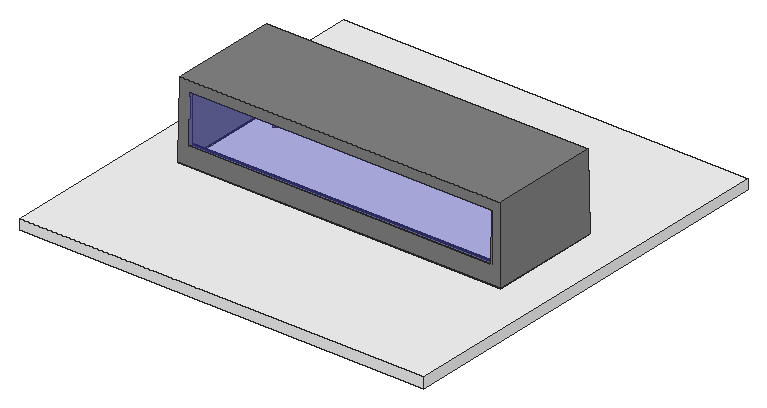
Revit family "BE_50147.5_de_DE", category Leuchten, Revit 2020
Family settings
  Basisbauteil = Fläche
  Bemaßung runder Anschluss = Durchmesser verwenden
  Teiletyp = Normal
  Beim Laden mit Abzugskörper schneiden = Ja
  Lichtquelle = Ja
  Gemeinsam genutzt = Nein
  Raumberechnungspunkt = Ja
Parameters (values of type "BEGA_50147.5_K4")
  built-in parameter 1150104 = 12.087 (stored number, unit not read)
  Wattage = 33.6 W
  Default Elevation = 0 mm
  built-in parameter 1150113 = 1 (stored number, unit not read)
  built-in parameter 1114218 = 1 (stored number, unit not read)
  Umgebungstemperatur = "25 °C"
  URL = "https://www.bega.com/de/produkt/50147.5"
  Typenkommentare = "© 2022 BEGA. Wir behalten uns das Recht vor, technische Änderungen ohne vorherige Ankündigung vorzunehmen."  # constant formula
  built-in parameter 1150134 = 12
  built-in parameter 1150109 = 1 (stored number, unit not read)
  Strom = ""
  built-in parameter 1150110 = 1 (stored number, unit not read)
  Spannung = 239.996 V
  Sonderanfertigung = no
  Seriennummer [instance] = "Hier können Sie die eindeutige Seriennummer für das Facility Management eintragen."
  Schutzklasse = "I"
  Schutzart = "IP 20"
  Scheinlast = 0 VA
  Produktdatenblatt = "https://cdn.bega.com/bega/products/50147.5K4/current/documents/data-sheets/de"
  Oberflächentemperatur = ""
  Neigungswinkel = 0.00°
  Modell = "50147.5K4"
  Material_17 = BEGA_Reflektor
  Material_15 = BEGA_Leuchtmedium_matt
  Material_11 = BEGA_Glas_opal
  Material_09 = BEGA_Glas_klar
  Material_08 = BEGA_Oberfläche_Stahl_verzinkt
  Material_06 = BEGA_Oberfläche_Edelstahl_gebürstet
  Material_05 = BEGA_Oberfläche_Aluminium Guss
  Material_03 = BEGA_Oberfläche_Weiss_matt
  Material_02 = BEGA_Oberfläche_Silber_matt
  Material_01 [instance] = BEGA_Oberfläche_Grafit_matt
  M_W = no
  M_G = no
  M_A = no
  Logo = 0
  built-in parameter 1114217 = 1 (stored number, unit not read)
  built-in parameter 1150139 = (empty or 0)
  built-in parameter 1150105 = 347.86 (stored number, unit not read)
  built-in parameter 1150114 = 1 (stored number, unit not read)
  Lumens = 4371.36 lm
  built-in parameter 1150115 = 1 (stored number, unit not read)
  Leuchtenlichtstrom = "3990 lm"
  Leuchtenanzahl = ""
  Lebensdauerkriterien = "L70B50 @ 25 °C = 200000 h"
  Lastklassifizierung = Beleuchtung
  built-in parameter 1150112 = 1 (stored number, unit not read)
  Lampenlichtstrom = "5020 lm"
  Lampe = "LED 32.8 W"
  LED_Modulbezeichnung = "2x LED-0695/940"
  Hersteller = "BEGA"  # constant formula
  Halbstreuwinkel = ""
  Gewicht = "2.5 kg"
  Gebrauchslageneinschränkung [instance] = ""
  Frequenz = "0/50-60 Hz"
  Farbwiedergabeindex = "CRI > 90"
  Farbtemperaturverschiebung bei Dämpfen der Lampe = <Keine Auswahl>
  Farbtemperatur = "4000 K"
  Color Filter = 16777215
  built-in parameter 1150133 = 10 (stored number, unit not read)
  Energieeffizienzklasse = "LED A++ - A"
  built-in parameter 1150137 = (empty or 0)
  built-in parameter 1150132 = (empty or 0)
  ENEC = "ja"
  Dimmbar [instance] = "DALI"
  Datei für fotometrisches Netz = "BE_50147.5K4.IES"
  CE_Konformität = "ja"
  Bestellnummer = "50147.5K4"
  Beschreibung_Sonderanfertigung = "Hier können Sie Informationen zur Sonderanfertigung eintragen."
  Beschreibung = "Wandfluter"
  built-in parameter 1150106 = 3.4786 (stored number, unit not read)
  Befestigungsbohrung = "Ø 4,8 mm"
  Befestigungsabstand = "265 x 65 mm"
  Ballwurfsicher = ""
  BEGA_Intern_aus = yes
  BEGA_Intern_an = yes
  BEGA_Intern_Konstruktion = yes
  BEGA_Intern = yes
  BEGA_IES = yes
  BEGA_Dummy = no
  Anschlussleitung = ""
  Anschlussleistung [instance] = "37 W"
  Anschlusskasten = ""
  built-in parameter 1150107 = 4000 (stored number, unit not read)
  built-in parameter 1150102 = (empty or 0)
  built-in parameter 1150138 = (empty or 0)
  Aktualisierung = "2022-05-18T04:00:07"
  Abstand_zur_angestrahlten_Fläche [instance] = ""
  AC/DC = "AC/DC"
Types (2, lengths in mm): name | built-in parameter 1150104 | built-in parameter 1150134 | Modell | built-in parameter 1150105 | Lumens | Leuchtenlichtstrom | Lampenlichtstrom | LED_Modulbezeichnung | Farbtemperatur | Datei für fotometrisches Netz | Bestellnummer | built-in parameter 1150106 | built-in parameter 1150107
  BEGA_50147.5_K4 | 12.087 (stored number, unit not read) | 12 | "50147.5K4" | 347.86 (stored number, unit not read) | 4371.36 lm | "3990 lm" | "5020 lm" | "2x LED-0695/940" | "4000 K" | "BE_50147.5K4.IES" | "50147.5K4" | 3.4786 (stored number, unit not read) | 4000 (stored number, unit not read)
  BEGA_50147.5_K3 | 11.669 (stored number, unit not read) | (empty or 0) | "50147.5K3" | 335.83 (stored number, unit not read) | 4220.16 lm | "3845 lm" | "4830 lm" | "2x LED-0695/930" | "3000 K" | "BE_50147.5K3.IES" | "50147.5K3" | 3.3583 (stored number, unit not read) | 3000 (stored number, unit not read)
Reference planes
  plane 1 "Mitte (Vorne/Hinten)": y = 0
  plane 2: z = 0
  plane 3 "Mitte (Links/Rechts)": x = 0
  plane 4 "Links": x = -160
  plane 5 "Rechts": x = 160
  plane 6 "Unten": y = -55
  plane 7 "Oben": y = 55
  plane 8 "Vorne": z = 76
  plane 9 "Hinten": z = 0
Forms (mm)
  Extrusion 1, solid, material "BEGA_Platte_Weiss"
    sketch origin (0, -1119.2, 0) x (1, 0, 0) y (0, 1, 0)
      loop
        line (-200, 1319.2) -> (-200, 919.2) -> (200, 919.2) -> (200, 1319.2) -> (-200, 1319.2)
    from 0 to -10
  Extrusion 2, solid, material "BEGA_Dummy_matt", visible <- "BEGA_Dummy"
    sketch origin (80.095, -76.023, 0) x (1, 0, 0) y (0, 1, 0)
      loop
        line (-240.095, 131.023) -> (-240.095, 21.023) -> (79.905, 21.023) -> (79.905, 131.023) -> (-240.095, 131.023)
    from 0 to 76
Dimensions and locks
  plane 1 "Mitte (Vorne/Hinten)" to Extrusion 1 = 200 mm
  aligned and locked: plane 2 to Extrusion 1
  aligned and locked: level to Extrusion 1
Nested families
  nested 1: "BE_50147.5" at (0, 0, 0), type "BE_50147.5"
Connectors
  electrical at (0, 0, 0), driven by "Lastklassifizierung", driven by "Spannung", driven by "Scheinlast"
    settings: index 1, voltage 239.996 V, apparent load 0 VA, apparent load phase1 0 VA, apparent load phase2 0 VA, apparent load phase3 0 VA, power factor 1, load classification "Beleuchtung", number of poles 1, system type 31, power factor state 1, is connector primary yes, connector utility no, sub classification motor no, connector description ""
Definition of nested family "BE_50147.5"
  Parameters (values of type "BE_50147.5")
    Default Elevation = 1 mm
    URL = "http://www.bega.de/de/produkt"
    Type Comments = "© 2015 BEGA. Wir behalten uns das Recht vor, technische Änderungen ohne vorherige Ankündigung vorzunehmen. "  # constant formula
    Type Image = (empty or 0)
    Neigungswinkel_um_Z2 = 0.00°
    Neigungswinkel_um_Z1 = 0.00°
    Neigungswinkel_um_Y2 = 0.00°
    Neigungswinkel_um_Y1 = 0.00°
    Neigungswinkel_um_X2 = 0.00°
    Neigungswinkel_um_X1 = 0.00°
    Material_17 = none
    Material_15 = none
    Material_11 = none
    Material_09 = none
    Material_08 = none
    Material_06 = none
    Material_05 = none
    Material_03 = none
    Material_02 = none
    Material_01 = none
    M_W = yes
    M_G = yes
    M_A = yes
    Länge_Platte = 400 mm  # constant formula
    Höhe_Platte = -10 mm  # constant formula
    Manufacturer = "BEGA"  # constant formula
    Drehwinkel_um_Z2 = 0.00°
    Drehwinkel_um_Z1 = 0.00°
    Breite_Platte = 200 mm  # constant formula
  Reference planes
    plane 1 "Mitte (Oben/Unten)": y = 0
    plane 2: z = 0
    plane 3 "Mitte (Links/Rechts)": x = 0
    plane 4: z = 76
    plane 5: y = 55
    plane 6: y = -55
    plane 7: x = -160
    plane 8: z = 76
    plane 9: x = 160
  Forms (mm)
    Extrusion 1, solid, detail levels medium
      sketch origin (0, 0, 0) x (1, 0, 0) y (0, 1, 0)
        loop
          line (-200, 100) -> (-200, -100) -> (200, -100) -> (200, 100) -> (-200, 100)
      from 0 to -10 <- "Höhe_Platte"
    Extrusion 2, solid, material <- "Material_01", detail levels medium+fine
      sketch origin (0, 0, 0) x (1, 0, 0) y (0, 0, 1)
        loop
          line (-160, 1) -> (-156, 1) -> (-153.661, 68) -> (153.661, 68) -> (156, 1) -> (160, 1) -> (158.691, 76) -> (-158.691, 76) -> (-160, 1)
      from -55 to 55
    Extrusion 3, solid, material <- "Material_01", detail levels medium+fine
      sketch origin (0, 0, 0) x (1, 0, 0) y (0, 0, 1)
        loop
          line (158.691, 76) -> (-158.691, 76) -> (-160, 1) -> (160, 1) -> (158.691, 76)
      from -55 to -50.695
    Extrusion 4, solid, material <- "Material_01", detail levels medium+fine
      sketch origin (0, 0, 0) x (1, 0, 0) y (0, 0, -1)
        loop
          line (158.691, -76) -> (160, -1) -> (-160, -1) -> (-158.691, -76) -> (158.691, -76)
      from -55 to -50.695
    Extrusion 5, void
      sketch origin (0, 0, 0) x (0, 1, 0) y (0, 0, 1)
        loop
          line (55, 1) -> (55.86, 1.015) -> (55.86, 78.41) -> (53.649, 78.41) -> (55, 1)
        loop
          line (-55, 1) -> (-53.649, 78.41) -> (-55.86, 78.41) -> (-55.86, 1.015) -> (-55, 1)
      from -163.845 to 169.172
    Sweep 6, solid, material <- "Material_03", detail levels medium+fine
      path origin (0, 0, 0) x (1, 0, 0) y (0, 1, 0)
        loop
          line (-160, 55) -> (-160, -55) -> (160, -55) -> (160, 55) -> (-160, 55)
      profile origin (-160, 0, 0) x (1, 0, 0) y (0, 0, 1)
        loop
          line (0.5, 1) -> (0.5, 0) -> (2.572, 0)
          arc (2.572, 0) -> (3.337, 0.152) -> (3.986, 0.586) r 2
          line (3.986, 0.586) -> (5.107, 1.707)
          arc (5.107, 1.707) -> (5.432, 1.924) -> (5.814, 2) r 1
          line (5.814, 2) -> (11.938, 2) -> (11.938, 3) -> (5.814, 3)
          arc (5.814, 3) -> (5.049, 2.848) -> (4.4, 2.414) r 2
          line (4.4, 2.414) -> (3.279, 1.293)
          arc (3.279, 1.293) -> (2.954, 1.076) -> (2.572, 1) r 1
          line (2.572, 1) -> (0.5, 1)
    Extrusion 7, solid, material <- "Material_03", detail levels medium+fine
      sketch origin (0, 0, 0) x (1, 0, 0) y (0, 1, 0)
        loop
          line (-149.215, 43.062) -> (-149.215, -43.062) -> (149.632, -43.062) -> (149.632, 43.062) -> (-149.215, 43.062)
      from 2 to 3
    Extrusion 8, void
      sketch origin (0, 0, 0) x (0, 1, 0) y (0, 0, 1)
        loop
          line (47.599, 66.082) -> (47.599, 18) -> (55.612, 18) -> (55.612, 66.082) -> (47.599, 66.082)
        loop
          line (-47.599, 66.082) -> (-55.612, 66.082) -> (-55.612, 18) -> (-47.599, 18) -> (-47.599, 66.082)
      from -149.215 to 149.632
    Extrusion 9, solid, material <- "Material_11", detail levels medium+fine
      sketch origin (0, 0, 0) x (0, -1, 0) y (0, 0, -1)
        loop
          line (54.603, -18.077) -> (50.203, -18) -> (49.366, -65.992) -> (53.765, -66.069) -> (54.603, -18.077)
      from -149.215 to 151.256
    Extrusion 10, solid, material <- "Material_11", detail levels medium+fine
      sketch origin (0, 0, 0) x (0, -1, 0) y (0, 0, -1)
        loop
          line (49.339, -67.492) -> (50.229, -16.5) -> (46.63, -16.437) -> (45.74, -67.429) -> (49.339, -67.492)
      from -153.522 to 153.147
    Extrusion 11, void
      sketch origin (0, 0, 0) x (1, 0, 0) y (0, 1, 0)
        loop
          circle (-132.5, 32.5) r 2.4
        loop
          circle (132.5, -32.5) r 2.4
        loop
          circle (130, -10) r 8.5
        loop
          circle (130, 10) r 8.5
      from 0 to 8
    Revolve 12, solid, material <- "Material_06", detail levels fine
      sketch origin (-145, 0, 0) x (0, 1, 0) y (0, 0, -1)
        loop
          line (56, -9) -> (53.425, -9) -> (53.425, -11) -> (56, -11) -> (56, -9)
        axis (56, -9) -> (53.425, -9)
      angle from 0 to 360
    Extrusion 13, solid, material <- "Material_11", detail levels medium+fine
      sketch origin (0, 0, 0) x (0, 1, 0) y (0, 0, 1)
        loop
          line (54.603, 18.077) -> (53.765, 66.069) -> (49.366, 65.992) -> (50.203, 18) -> (54.603, 18.077)
      from -149.215 to 151.256
    Extrusion 14, solid, material <- "Material_11", detail levels medium+fine
      sketch origin (0, 0, 0) x (0, 1, 0) y (0, 0, 1)
        loop
          line (49.339, 67.492) -> (45.74, 67.429) -> (46.63, 16.437) -> (50.229, 16.5) -> (49.339, 67.492)
      from -153.522 to 153.147
    Revolve 15, solid, material <- "Material_06", detail levels fine
      sketch origin (145, 0, 0) x (0, 1, 0) y (0, 0, 1)
        loop
          line (56, 9) -> (56, 11) -> (53.425, 11) -> (53.425, 9) -> (56, 9)
        axis (56, 9) -> (53.425, 9)
      angle from 0 to 360
  Cuts and joins
    Extrusion 5, Extrusion 8 cuts Extrusion 2
    Extrusion 5, Extrusion 8 cuts Extrusion 3
    Extrusion 5, Extrusion 8 cuts Extrusion 4
    joined: Extrusion 2, Extrusion 3, Extrusion 4
    Extrusion 11 cuts Sweep 6
    Extrusion 11 cuts Extrusion 7
    joined: Sweep 6, Extrusion 7
    joined: Extrusion 9, Extrusion 10
    joined: Extrusion 13, Extrusion 14
  Dimensions and locks
    equal spacing: Extrusion 1 sketch curve, plane 3 "Mitte (Links/Rechts)", Extrusion 1 sketch curve
    equal spacing: Extrusion 1 sketch curve, plane 1 "Mitte (Oben/Unten)", Extrusion 1 sketch curve
    "Länge_Platte": Extrusion 1 sketch curve to Extrusion 1 sketch curve
    "Breite_Platte": Extrusion 1 sketch curve to Extrusion 1 sketch curve
    aligned and locked: plane 2 to Extrusion 1
    aligned and locked: level to Extrusion 1
  Automatic sketch dimensions
    plane 7 to Extrusion 2 sketch curve = 0 mm
    Extrusion 2 sketch curve to plane 4 = 0 mm
    Extrusion 2 sketch curve to plane 7 = 1.309 mm
    level to Extrusion 2 sketch curve = 1 mm  (x2)
    Extrusion 2 sketch curve to plane 7 = 4 mm
    Extrusion 2 sketch curve to plane 7 = 6.339 mm
    Extrusion 2 sketch curve to plane 9 = 6.339 mm
    Extrusion 2 sketch curve to plane 9 = 4 mm
    Extrusion 2 sketch curve to plane 9 = 1.309 mm
    plane 9 to Extrusion 2 sketch curve = 0 mm
    plane 4 to Extrusion 2 sketch curve = 8 mm
    plane 7 to Extrusion 3 sketch curve = 0 mm
    Extrusion 3 sketch curve to plane 4 = 0 mm
    Extrusion 3 sketch curve to plane 7 = 1.309 mm
    Extrusion 3 sketch curve to plane 9 = 1.309 mm
    plane 9 to Extrusion 3 sketch curve = 0 mm
    level to Extrusion 3 sketch curve = 1 mm
    plane 7 to Extrusion 4 sketch curve = 0 mm
    Extrusion 4 sketch curve to plane 4 = 0 mm
    Extrusion 4 sketch curve to plane 7 = 1.309 mm
    Extrusion 4 sketch curve to plane 9 = 1.309 mm
    plane 9 to Extrusion 4 sketch curve = 0 mm
    level to Extrusion 4 sketch curve = 1 mm
    Extrusion 5 sketch curve to plane 6 = 0 mm
    Extrusion 5 sketch curve to plane 5 = 0 mm
    plane 6 to Extrusion 5 sketch curve = 0.86 mm
    Extrusion 5 sketch curve to plane 6 = 1.351 mm
    Extrusion 5 sketch curve to plane 5 = 1.351 mm
    plane 5 to Extrusion 5 sketch curve = 0.86 mm
    level to Extrusion 5 sketch curve = 1 mm  (x2)
    Extrusion 5 sketch curve to Extrusion 5 sketch curve = 0.015 mm  (x2)
    Sweep 6 sketch curve to Sweep 6 sketch curve = 0 mm  (x9)
    Sweep 6 sketch curve to level = 0 mm
    Sweep 6 sketch curve to profile plane = 0.5 mm
    Sweep 6 sketch curve to Sweep 6 sketch curve = 2.072 mm
    level to Sweep 6 sketch curve = 1 mm
    Sweep 6 sketch curve to Sweep 6 sketch curve = 3.243 mm
    level to Sweep 6 sketch curve = 2 mm
    Sweep 6 sketch curve to Sweep 6 sketch curve = 6.124 mm
    Sweep 6 sketch curve to Sweep 6 sketch curve = 1 mm  (x3)
    level to Sweep 6 sketch curve = 1.293 mm
    Sweep 6 sketch curve to Sweep 6 sketch curve = 0.707 mm  (x3)
    level to Sweep 6 sketch curve = 0.586 mm
    Sweep 6 sketch curve to Sweep 6 sketch curve = 1.414 mm
    level to Sweep 6 sketch curve = 1.707 mm
    Extrusion 7 sketch curve to plane 6 = 11.938 mm
    Extrusion 7 sketch curve to plane 7 = 10.785 mm
    Extrusion 7 sketch curve to plane 9 = 10.368 mm
    Extrusion 7 sketch curve to plane 5 = 11.938 mm
    plane 6 to Extrusion 8 sketch curve = 0.612 mm
    Extrusion 8 sketch curve to plane 6 = 7.401 mm
    Extrusion 8 sketch curve to plane 5 = 7.401 mm
    plane 5 to Extrusion 8 sketch curve = 0.612 mm
    level to Extrusion 8 sketch curve = 18 mm  (x2)
    plane 4 to Extrusion 8 sketch curve = 9.918 mm  (x2)
    plane 6 to Extrusion 9 sketch curve = 5.634 mm
    plane 6 to Extrusion 9 sketch curve = 4.797 mm
    plane 6 to Extrusion 9 sketch curve = 1.235 mm
    plane 6 to Extrusion 9 sketch curve = 0.397 mm
    Extrusion 9 sketch curve to level = 18 mm
    Extrusion 9 sketch curve to Extrusion 9 sketch curve = 0.077 mm  (x2)
    Extrusion 9 sketch curve to plane 4 = 10.008 mm
    plane 6 to Extrusion 10 sketch curve = 9.26 mm
    plane 6 to Extrusion 10 sketch curve = 8.37 mm
    Extrusion 10 sketch curve to Extrusion 10 sketch curve = 3.599 mm  (x2)
    Extrusion 10 sketch curve to level = 16.437 mm
    Extrusion 10 sketch curve to Extrusion 10 sketch curve = 0.063 mm  (x2)
    Extrusion 10 sketch curve to plane 4 = 8.571 mm
    Revolve 12 sketch curve to plane 5 = 1.575 mm
    plane 5 to Revolve 12 sketch curve = 1 mm
    level to Revolve 12 sketch curve = 11 mm
    Revolve 12 sketch curve to Revolve 12 sketch curve = 2 mm  (x2)
    Revolve 12 sketch curve to Revolve 12 sketch curve = 0.595 mm
    Revolve 12 sketch curve to Revolve 12 sketch curve = 0 mm
    Extrusion 13 sketch curve to plane 5 = 5.634 mm
    Extrusion 13 sketch curve to plane 5 = 4.797 mm
    Extrusion 13 sketch curve to plane 5 = 1.235 mm
    Extrusion 13 sketch curve to plane 5 = 0.397 mm
    level to Extrusion 13 sketch curve = 18 mm
    Extrusion 13 sketch curve to Extrusion 13 sketch curve = 0.077 mm  (x2)
    plane 4 to Extrusion 13 sketch curve = 10.008 mm
    Extrusion 14 sketch curve to plane 5 = 9.26 mm
    Extrusion 14 sketch curve to plane 5 = 8.37 mm
    Extrusion 14 sketch curve to Extrusion 14 sketch curve = 3.599 mm  (x2)
    level to Extrusion 14 sketch curve = 16.437 mm
    Extrusion 14 sketch curve to Extrusion 14 sketch curve = 0.063 mm  (x2)
    plane 4 to Extrusion 14 sketch curve = 8.571 mm
    Revolve 15 sketch curve to plane 5 = 1.575 mm
    plane 5 to Revolve 15 sketch curve = 1 mm
    level to Revolve 15 sketch curve = 9 mm
    Revolve 15 sketch curve to Revolve 15 sketch curve = 2 mm  (x2)
    Revolve 15 sketch curve to Revolve 15 sketch curve = 0.595 mm
    Revolve 15 sketch curve to Revolve 15 sketch curve = 0 mm
    Extrusion 11 sketch curve to plane 7 = 27.5 mm
    plane 1 "Mitte (Oben/Unten)" to Extrusion 11 sketch curve = 10 mm
    Extrusion 11 sketch curve to plane 9 = 30 mm
    Extrusion 11 sketch curve to plane 1 "Mitte (Oben/Unten)" = 10 mm
    Extrusion 11 sketch curve to Extrusion 11 sketch curve = 0 mm
    Extrusion 11 sketch curve to Extrusion 11 sketch curve = 2.5 mm
    Extrusion 11 sketch curve to plane 6 = 22.5 mm
    Extrusion 11 sketch curve to plane 5 = 22.5 mm
    Sweep 6 sketch curve to plane 6 = 0 mm
    Sweep 6 sketch curve to plane 7 = 0 mm
    Sweep 6 sketch curve to plane 9 = 0 mm
    plane 5 to Sweep 6 sketch curve = 0 mm
    radius of Extrusion 11 sketch curve = 2.4 mm  (x2)
    radius of Extrusion 11 sketch curve = 8.5 mm  (x2)
